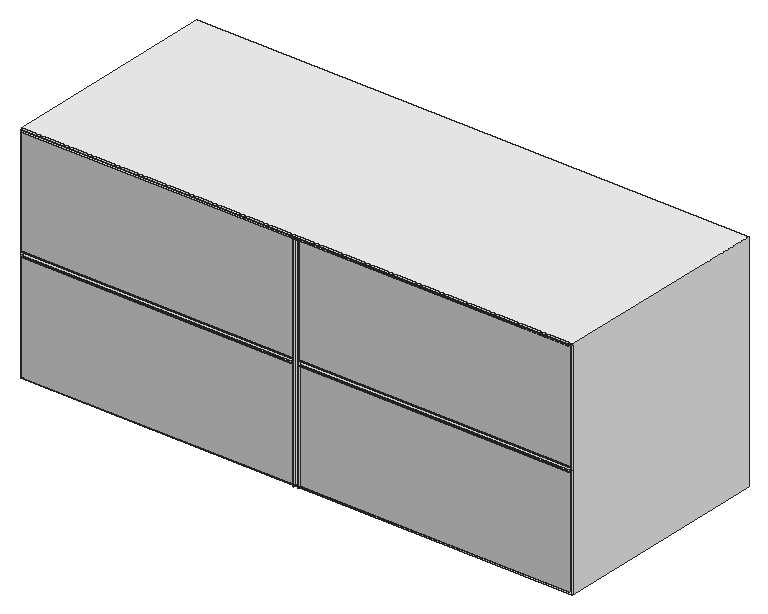
Revit family "vanity unit-hansgrohe-54196XXX-Xevolos E Vanity unit Matt White 1370_550 with 4 drawers for consoles with 2 countertop basins ground", category Furniture, Revit 2019 (continued)
Types (6, lengths in mm): name | SURFACE | NB | Model | MIdent | LODLEVEL | LINA | IDNR | ARTNR | 54196730-MATT_WHITE-DARK_OAK-400_RX0RY0RZ0TX0TY0TZ0_V | 54196730-MATT_WHITE-DARK_OAK-200_RX0RY0RZ0TX0TY0TZ0_V | 54196390-MATT_WHITE-PATTEREND_BRONZE-400_RX0RY0RZ0TX0TY0TZ0_V | 54196390-MATT_WHITE-PATTEREND_BRONZE-200_RX0RY0RZ0TX0TY0TZ0_V | 54196320-MATT_WHITE-METALLIC_WHITE-400_RX0RY0RZ0TX0TY0TZ0_V | 54196320-MATT_WHITE-METALLIC_WHITE-200_RX0RY0RZ0TX0TY0TZ0_V
  54196390-MATT_WHITE-PATTEREND_BRONZE-200 | "PATTEREND_BRONZE" | "54196390-MATT_WHITE-PATTEREND_BRONZE-200" | "54196390-MATT_WHITE-PATTEREND_BRONZE-200" | "{$CADENAS_DATA/23d-libs/hansgrohe/xevolos_furniture/e_vanity_unit_4drawers_consoles_2countertop_basin/vanity_unit_4drawers_consoles_2countertopbasin.prj},293 {VTYP=3D},{NB=54196390-MATT_WHITE-PATTEREND_BRONZE-200},{LINA=54196390-MATT_WHITE-PATTEREND_BRONZE-200},{NN=Vanity unit with 4 drawers for consoles with 2 countertop basins ground},{DATE=13.03.2023 11:55:27},{GEOMDATE=12.03.2023 06:39:00},{VERSION=},{LINEID=20},{WBVAR=LODLEVEL},{WBNUMERIC=}  {NB=54196390-MATT_WHITE-PATTEREND_BRONZE-200},{LINA=54196390-MATT_WHITE-PATTEREND_BRONZE-200},{KT=DUMMY},{IDNR=2},{ARTNR=54196390},{BASENUMBER=54196},{MODEL=54196XXX},{OBERFLAECHE=MATT_WHITE},{SURFACE=PATTEREND_BRONZE},{L=1370},{LODLEVEL=200},{LODLEVELX='400','400','200','200'},{NAME=Xevolos E Vanity unit Matt White 1370/550 with 4 drawers for consoles with 2 countertop basins ground},{PERMALINK=54196XXX},{OBJECTTYPE=Object (single object)},{BIMOBJECT=Sanitary: Compound units},{COLLECTIONSET=Xevolos E},{COLLECTION=vanity unit},{WEIGHT=82.3},{DESCRIPTION=Xevolos E Vanity unit Matt White 1370/550 with 4 drawers for consoles with 2 countertop basins ground},{PRODUCTURL=https://pro.hansgrohe.com/articledetail--54196320},{GTINCODE=0},{TENDERURL=0},{IFC=Furnishing element},{ETIM=EC011381 | Bathroom furniture set},{UNICLASS2015=Pr_40_30_78_05 | Bathroom furniture},{OMNICLASS=23-21 19 15 33 13 | Residential Bathroom Specialty Casework},{MASTERFORMAT=12 35 30.23 | Bathroom Casework},{UNSPSC=56 | Furniture and Furnishings},{UNIFORMATII=E2010 | Fixed Furnishings},{REGION=Worldwide},{DESIGN=Germany},{MANUFACTURER=Germany}" | "200" | "54196390-MATT_WHITE-PATTEREND_BRONZE-200" | 2 | "54196390" | no | no | no | yes | no | no
  54196390-MATT_WHITE-PATTEREND_BRONZE-400 | "PATTEREND_BRONZE" | "54196390-MATT_WHITE-PATTEREND_BRONZE-400" | "54196390-MATT_WHITE-PATTEREND_BRONZE-400" | "{$CADENAS_DATA/23d-libs/hansgrohe/xevolos_furniture/e_vanity_unit_4drawers_consoles_2countertop_basin/vanity_unit_4drawers_consoles_2countertopbasin.prj},293 {VTYP=3D},{NB=54196390-MATT_WHITE-PATTEREND_BRONZE-400},{LINA=54196390-MATT_WHITE-PATTEREND_BRONZE-400},{NN=Vanity unit with 4 drawers for consoles with 2 countertop basins ground},{DATE=13.03.2023 11:55:27},{GEOMDATE=12.03.2023 06:39:00},{VERSION=},{LINEID=20},{WBVAR=LODLEVEL},{WBNUMERIC=}  {NB=54196390-MATT_WHITE-PATTEREND_BRONZE-400},{LINA=54196390-MATT_WHITE-PATTEREND_BRONZE-400},{KT=DUMMY},{IDNR=2},{ARTNR=54196390},{BASENUMBER=54196},{MODEL=54196XXX},{OBERFLAECHE=MATT_WHITE},{SURFACE=PATTEREND_BRONZE},{L=1370},{LODLEVEL=400},{LODLEVELX='400','400','200','200'},{NAME=Xevolos E Vanity unit Matt White 1370/550 with 4 drawers for consoles with 2 countertop basins ground},{PERMALINK=54196XXX},{OBJECTTYPE=Object (single object)},{BIMOBJECT=Sanitary: Compound units},{COLLECTIONSET=Xevolos E},{COLLECTION=vanity unit},{WEIGHT=82.3},{DESCRIPTION=Xevolos E Vanity unit Matt White 1370/550 with 4 drawers for consoles with 2 countertop basins ground},{PRODUCTURL=https://pro.hansgrohe.com/articledetail--54196320},{GTINCODE=0},{TENDERURL=0},{IFC=Furnishing element},{ETIM=EC011381 | Bathroom furniture set},{UNICLASS2015=Pr_40_30_78_05 | Bathroom furniture},{OMNICLASS=23-21 19 15 33 13 | Residential Bathroom Specialty Casework},{MASTERFORMAT=12 35 30.23 | Bathroom Casework},{UNSPSC=56 | Furniture and Furnishings},{UNIFORMATII=E2010 | Fixed Furnishings},{REGION=Worldwide},{DESIGN=Germany},{MANUFACTURER=Germany}" | "400" | "54196390-MATT_WHITE-PATTEREND_BRONZE-400" | 2 | "54196390" | no | no | yes | no | no | no
  54196730-MATT_WHITE-DARK_OAK-200 | "DARK_OAK" | "54196730-MATT_WHITE-DARK_OAK-200" | "54196730-MATT_WHITE-DARK_OAK-200" | "{$CADENAS_DATA/23d-libs/hansgrohe/xevolos_furniture/e_vanity_unit_4drawers_consoles_2countertop_basin/vanity_unit_4drawers_consoles_2countertopbasin.prj},277 {VTYP=3D},{NB=54196730-MATT_WHITE-DARK_OAK-200},{LINA=54196730-MATT_WHITE-DARK_OAK-200},{NN=Vanity unit with 4 drawers for consoles with 2 countertop basins ground},{DATE=13.03.2023 11:55:27},{GEOMDATE=12.03.2023 06:39:00},{VERSION=},{LINEID=30},{WBVAR=LODLEVEL},{WBNUMERIC=}  {NB=54196730-MATT_WHITE-DARK_OAK-200},{LINA=54196730-MATT_WHITE-DARK_OAK-200},{KT=DUMMY},{IDNR=3},{ARTNR=54196730},{BASENUMBER=54196},{MODEL=54196XXX},{OBERFLAECHE=MATT_WHITE},{SURFACE=DARK_OAK},{L=1370},{LODLEVEL=200},{LODLEVELX='400','400','200','200'},{NAME=Xevolos E Vanity unit Matt White 1370/550 with 4 drawers for consoles with 2 countertop basins ground},{PERMALINK=54196XXX},{OBJECTTYPE=Object (single object)},{BIMOBJECT=Sanitary: Compound units},{COLLECTIONSET=Xevolos E},{COLLECTION=vanity unit},{WEIGHT=82.3},{DESCRIPTION=Xevolos E Vanity unit Matt White 1370/550 with 4 drawers for consoles with 2 countertop basins ground},{PRODUCTURL=https://pro.hansgrohe.com/articledetail--54196320},{GTINCODE=0},{TENDERURL=0},{IFC=Furnishing element},{ETIM=EC011381 | Bathroom furniture set},{UNICLASS2015=Pr_40_30_78_05 | Bathroom furniture},{OMNICLASS=23-21 19 15 33 13 | Residential Bathroom Specialty Casework},{MASTERFORMAT=12 35 30.23 | Bathroom Casework},{UNSPSC=56 | Furniture and Furnishings},{UNIFORMATII=E2010 | Fixed Furnishings},{REGION=Worldwide},{DESIGN=Germany},{MANUFACTURER=Germany}" | "200" | "54196730-MATT_WHITE-DARK_OAK-200" | 3 | "54196730" | no | yes | no | no | no | no
  54196730-MATT_WHITE-DARK_OAK-400 | "DARK_OAK" | "54196730-MATT_WHITE-DARK_OAK-400" | "54196730-MATT_WHITE-DARK_OAK-400" | "{$CADENAS_DATA/23d-libs/hansgrohe/xevolos_furniture/e_vanity_unit_4drawers_consoles_2countertop_basin/vanity_unit_4drawers_consoles_2countertopbasin.prj},277 {VTYP=3D},{NB=54196730-MATT_WHITE-DARK_OAK-400},{LINA=54196730-MATT_WHITE-DARK_OAK-400},{NN=Vanity unit with 4 drawers for consoles with 2 countertop basins ground},{DATE=13.03.2023 11:55:27},{GEOMDATE=12.03.2023 06:39:00},{VERSION=},{LINEID=30},{WBVAR=LODLEVEL},{WBNUMERIC=}  {NB=54196730-MATT_WHITE-DARK_OAK-400},{LINA=54196730-MATT_WHITE-DARK_OAK-400},{KT=DUMMY},{IDNR=3},{ARTNR=54196730},{BASENUMBER=54196},{MODEL=54196XXX},{OBERFLAECHE=MATT_WHITE},{SURFACE=DARK_OAK},{L=1370},{LODLEVEL=400},{LODLEVELX='400','400','200','200'},{NAME=Xevolos E Vanity unit Matt White 1370/550 with 4 drawers for consoles with 2 countertop basins ground},{PERMALINK=54196XXX},{OBJECTTYPE=Object (single object)},{BIMOBJECT=Sanitary: Compound units},{COLLECTIONSET=Xevolos E},{COLLECTION=vanity unit},{WEIGHT=82.3},{DESCRIPTION=Xevolos E Vanity unit Matt White 1370/550 with 4 drawers for consoles with 2 countertop basins ground},{PRODUCTURL=https://pro.hansgrohe.com/articledetail--54196320},{GTINCODE=0},{TENDERURL=0},{IFC=Furnishing element},{ETIM=EC011381 | Bathroom furniture set},{UNICLASS2015=Pr_40_30_78_05 | Bathroom furniture},{OMNICLASS=23-21 19 15 33 13 | Residential Bathroom Specialty Casework},{MASTERFORMAT=12 35 30.23 | Bathroom Casework},{UNSPSC=56 | Furniture and Furnishings},{UNIFORMATII=E2010 | Fixed Furnishings},{REGION=Worldwide},{DESIGN=Germany},{MANUFACTURER=Germany}" | "400" | "54196730-MATT_WHITE-DARK_OAK-400" | 3 | "54196730" | yes | no | no | no | no | no
